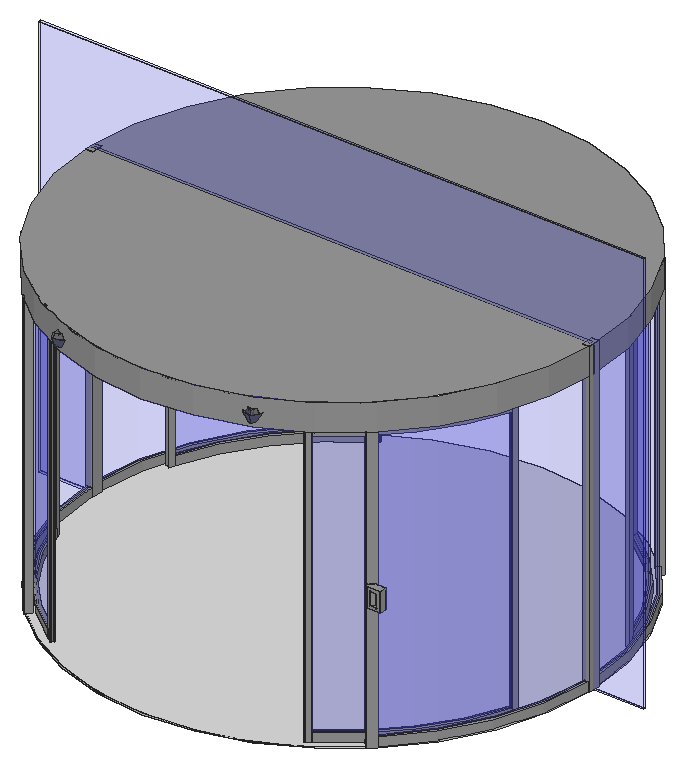
Revit family "Talos CSD-C01", category Türen, Revit 2016
Family settings
  OmniClass-Nummer = 23.30.10.00
  OmniClass-Titel = Doors
  Immer vertikal = Ja
  Beim Laden mit Abzugskörper schneiden = Nein
  Gemeinsam genutzt = Nein
  Raumberechnungspunkt = Nein
Parameters (values of type "CSD-C01 3600")
  Youtube clip = ""
  Width = 3700.00 mm
  Weight = 0.00 kg
  URL = "http://www.kaba.com/physical-access-systems/en/solutions/92272/revolving-doors-and-circular-sliding-doors.html"
  Type Comments = ""
  Type = "Talos CSD-C01"
  Technical description = "http://www.kaba.com/physical-access-systems/media/867246/v7/File/product-brochure-talos-rdr-and-csd.pdf"
  StandardUsed = "9"
  ShutOffDeviceInside = no
  ShutOffDevice = no
  RubberMaterial = Zellkautschuk - EPDM
  Product certification = ""
  Product SKU = "Talos_CSD-C01"
  Power = ""
  OuterDiameter = "3700 mm"
  OperatingWeight = 0.00 kg
  Nominal width = 0
  Nominal height = 2300
  MotorDriveType = ""
  Modell = "Talos RDR-E01"
  Material secondary = "Metal"
  Material main = "Glass"
  Manufacturer name = "DORMA"
  Manufacturer country = "Germany"
  Manufacturer = "Kaba GmbH"
  Installation instructions = ""
  Edition number = 1
  EAN code = ""
  Design country = "Germany"
  Date of publishing = "1/16/2017"
  Konstruktionstyp = "Circular Sliding Door"
  Hersteller = "Kaba GmbH"
  Height = 2300.00 mm
  HasShellTopFrame = no
  HasMotionSensor = yes
  HasConsoleS2 = yes
  HasConsoleS1 = yes
  HandleMaterial = 1.4401 - A4
  Funktion = Außen
  FrameMaterial = 1.4401 - A4
  ExpectedLife = ""
  ElementWeight = 0.00 kg
  DoorWidth = AccessLengthOrRadius - 60.00 mm  # 1770.00 mm
  Dicke = 30.00 mm
  DiameterPortal = Diameter + 10.00 mm  # 1870.00 mm
  DiameterSlideGlassOutside = (Width / 2) - 60.00 mm  # 1790.00 mm
  DiameterSlideGlassInside = (Width / 2) - 70.00 mm  # 1780.00 mm
  DiameterSlideDoorFrame = Diameter - 99.00 mm  # 1761.00 mm
  DiameterSlideDoorCover = Diameter - 60.00 mm  # 1800.00 mm
  DiameterSlideDoor = Diameter - 90.00 mm  # 1770.00 mm
  DiameterGlassInside = (Width / 2) - 10.00 mm  # 1840.00 mm
  DiameterGlassOutside = (Width / 2)  # 1850.00 mm
  Diameter = (Width / 2) + 10.00 mm  # 1860.00 mm
  CoverWidth = Height - ClearHeight  # 200.00 mm
  CoverMaterial = Glas
  ConsoleType = console : Type 4
  Colour = ""
  ClearHeight = 2100.00 mm
  BaseType = ">= 69 mm"
  Analytische Konstruktion = "<Keine Auswahl>"
  AccessLengthOrRadius = Diameter - 30.00 mm  # 1830.00 mm
Types (9, lengths in mm): name | Width | StandardUsed | OuterDiameter | Height | HasShellTopFrame | HasMotionSensor | HasConsoleS2 | HasConsoleS1 | DoorWidth | DiameterPortal | DiameterSlideGlassOutside | DiameterSlideGlassInside | DiameterSlideDoorFrame | DiameterSlideDoorCover | DiameterSlideDoor | DiameterGlassInside | DiameterGlassOutside | Diameter | CoverWidth | ConsoleType | ClearHeight | AccessLengthOrRadius
  CSD-C01 2000 | 2100.00 | "1" | "2100 mm" | 2300.00 | yes | no | no | no | 970.00 | 1070.00 | 990.00 | 980.00 | 961.00 | 1000.00 | 970.00 | 1040.00 | 1050.00 | 1060.00 | 200.00 | console : Type 5 | 2100.00 | 1030.00
  CSD-C01 2200 | 2300.00 | "2" | "2300 mm" | 2500.00 | yes | yes | yes | yes | 1070.00 | 1170.00 | 1090.00 | 1080.00 | 1061.00 | 1100.00 | 1070.00 | 1140.00 | 1150.00 | 1160.00 | 300.00 | console : Type 5 | 2200.00 | 1130.00
  CSD-C01 2400 | 2500.00 | "3" | "2500 mm" | 2500.00 | yes | no | yes | yes | 1170.00 | 1270.00 | 1190.00 | 1180.00 | 1161.00 | 1200.00 | 1170.00 | 1240.00 | 1250.00 | 1260.00 | 200.00 | console : Type 4 | 2300.00 | 1230.00
  CSD-C01 2600 | 2700.00 | "4" | "2700 mm" | 2400.00 | yes | yes | yes | yes | 1270.00 | 1370.00 | 1290.00 | 1280.00 | 1261.00 | 1300.00 | 1270.00 | 1340.00 | 1350.00 | 1360.00 | 300.00 | console : Type 5 | 2100.00 | 1330.00
  CSD-C01 2800 | 2500.00 | "5" | "2900 mm" | 2400.00 | yes | no | no | no | 1170.00 | 1270.00 | 1190.00 | 1180.00 | 1161.00 | 1200.00 | 1170.00 | 1240.00 | 1250.00 | 1260.00 | 200.00 | console : Type 4 | 2200.00 | 1230.00
  CSD-C01 3000 | 3100.00 | "6" | "3100 mm" | 2600.00 | yes | yes | yes | yes | 1470.00 | 1570.00 | 1490.00 | 1480.00 | 1461.00 | 1500.00 | 1470.00 | 1540.00 | 1550.00 | 1560.00 | 300.00 | console : Type 4 | 2300.00 | 1530.00
  CSD-C01 3200 | 3300.00 | "7" | "3300 mm" | 2400.00 | yes | no | yes | yes | 1570.00 | 1670.00 | 1590.00 | 1580.00 | 1561.00 | 1600.00 | 1570.00 | 1640.00 | 1650.00 | 1660.00 | 300.00 | console : Type 5 | 2100.00 | 1630.00
  CSD-C01 3600 | 3700.00 | "9" | "3700 mm" | 2300.00 | no | yes | yes | yes | 1770.00 | 1870.00 | 1790.00 | 1780.00 | 1761.00 | 1800.00 | 1770.00 | 1840.00 | 1850.00 | 1860.00 | 200.00 | console : Type 4 | 2100.00 | 1830.00
  CSD-C01 3800 | 3900.00 | "10" | "3900 mm" | 2400.00 | yes | yes | yes | yes | 1870.00 | 1970.00 | 1890.00 | 1880.00 | 1861.00 | 1900.00 | 1870.00 | 1940.00 | 1950.00 | 1960.00 | 200.00 | console : Type 5 | 2200.00 | 1930.00
Reference planes
  plane 1 "Mitte (Vorne/Hinten)": y = 0
  plane 2: z = 0
  plane 3 "Mitte (Links/Rechts)": x = 0.023
  plane 4 "Section L": x = -2247.477
  plane 5 "Section R": x = 2247.523
  plane 6 "Oberkante": z = 3000
  plane 7: z = 2300
  plane 8 "access height": z = 2100
  plane 9: x = -1849.977
  plane 10: x = 1850.023
  plane 11 "180-4": through (-2115.474, 2115.497, 800) normal (0.7071, 0.7071, 0)
  plane 12 "180-1": through (2115.52, 2115.497, 800) normal (0.7071, -0.7071, 0)
  plane 13 "180-2": through (2115.52, -2115.497, 800) normal (-0.7071, -0.7071, 0)
  plane 14 "180-3": through (-2115.474, -2115.497, 800) normal (-0.7071, 0.7071, 0)
  plane 15: through (-2174.479, -706.539, 1200) normal (-0.309, 0.9511, 0)
  plane 16 "slidingDoorL": through (0.023, 0, 1200) normal (0.8387, -0.5446, 0)
  plane 17: through (2115.52, -2115.497, 800) normal (-0.7071, -0.7071, 0)
  plane 18: through (2174.525, -706.539, 1200) normal (-0.309, -0.9511, 0)
  plane 19: through (0.023, 0, 1200) normal (0.8387, 0.5446, 0)
Forms (mm)
  Extrusion 1, solid
    sketch origin (0, 0, 0) x (1, 0, 0) y (0, 0, 1)
      loop
        line (-2247.477, 0) -> (-1849.977, 0) -> (-1849.977, 2300) -> (1850.023, 2300) -> (1850.023, 0) -> (2247.523, 0) -> (2247.523, 3000) -> (-2247.477, 3000) -> (-2247.477, 0)
    from -12 to 12
  Extrusion 2, solid, material "1.4401 - A4" <- "FrameMaterial"
    sketch origin (0, 0, 0) x (1, 0, 0) y (0, 1, 0)
      loop
        circle (0.023, 0) r 1870
    from 2100 <- "ClearHeight" to 2300 <- "Height"
  Extrusion 3, solid
    sketch origin (28.5, -238.964, 0) x (1, 0, 0) y (0, 1, 0)
      loop
        line (-1898.477, 196.464) -> (-1849.977, 196.464) -> (-1849.977, 281.464) -> (-1898.477, 281.464) -> (-1898.477, 196.464)
    from 0 to 2300
  Extrusion 4, solid
    sketch origin (-182.5, 0, 0) x (1, 0, 0) y (0, 1, 0)
      loop
        line (-1111.482, 1294.005) -> (-1132.696, 1315.219)
        arc (-1132.696, 1315.219) -> (-1527.648, 731.378) -> (-1676.991, 42.5) r 1860
        line (-1676.991, 42.5) -> (-1646.983, 42.5)
        arc (-1646.983, 42.5) -> (-1499.93, 719.897) -> (-1111.482, 1294.005) r 1830
      loop
        line (-1132.696, -1315.219) -> (-1111.482, -1294.005)
        arc (-1111.482, -1294.005) -> (-1499.93, -719.897) -> (-1646.983, -42.5) r 1830
        line (-1646.983, -42.5) -> (-1676.991, -42.5)
        arc (-1676.991, -42.5) -> (-1527.648, -731.378) -> (-1132.696, -1315.219) r 1860
      loop
        line (1476.529, -1294.005) -> (1497.742, -1315.219)
        arc (1497.742, -1315.219) -> (1892.694, -731.378) -> (2042.037, -42.5) r 1860
        line (2042.037, -42.5) -> (2012.03, -42.5)
        arc (2012.03, -42.5) -> (1864.976, -719.897) -> (1476.529, -1294.005) r 1830
      loop
        line (1497.742, 1315.219) -> (1476.529, 1294.005)
        arc (1476.529, 1294.005) -> (1864.976, 719.897) -> (2012.03, 42.5) r 1830
        line (2012.03, 42.5) -> (2042.037, 42.5)
        arc (2042.037, 42.5) -> (1892.694, 731.378) -> (1497.742, 1315.219) r 1860
    from 0 to 63
  Extrusion 5, solid
    sketch origin (-28.454, -238.964, 0) x (-1, 0, 0) y (0, -1, 0)
      loop
        line (-1898.477, -196.464) -> (-1898.477, -281.464) -> (-1849.977, -281.464) -> (-1849.977, -196.464) -> (-1898.477, -196.464)
    from 0 to 2300
  Extrusion 6, solid
    sketch origin (-148.814, -189.109, 0) x (0.707107, -0.707107, 0) y (0.707107, 0.707107, 0)
      loop
        line (-1906.977, 218.964) -> (-1858.477, 218.964) -> (-1858.477, 303.964) -> (-1906.977, 303.964) -> (-1906.977, 218.964)
    from 0 to 2100
  Extrusion 7, solid
    sketch origin (148.86, -189.109, 0) x (-0.707107, -0.707107, 0) y (0.707107, -0.707107, 0)
      loop
        line (-1906.977, -218.964) -> (-1906.977, -303.964) -> (-1858.477, -303.964) -> (-1858.477, -218.964) -> (-1906.977, -218.964)
    from 0 to 2100
  Extrusion 8, solid
    sketch origin (-148.814, 189.109, 0) x (0.707107, 0.707107, 0) y (-0.707107, 0.707107, 0)
      loop
        line (-1895.477, -238.964) -> (-1895.477, -302.964)
        arc (-1895.477, -302.964) -> (-1894.012, -306.5) -> (-1890.477, -307.964) r 5
        line (-1890.477, -307.964) -> (-1839.477, -307.964) -> (-1839.477, -283.964) -> (-1842.477, -283.964) -> (-1842.477, -304.964) -> (-1858.477, -304.964) -> (-1858.477, -238.964) -> (-1895.477, -238.964)
    from 0 to 2100
  Extrusion 9, solid, material "PVC-Hart"
    sketch origin (0, 0, 0) x (1, 0, 0) y (0, 1, 0)
      loop
        circle (0.023, 0) r 1860
    from -8 to 1
  Extrusion 10, solid
    sketch origin (0, 0, 0) x (1, 0, 0) y (0, 1, 0)
      loop
        arc (-980.327, 1509.607) -> (-1428.013, 1095.771) -> (-1711.879, 556.231) r 1800
        line (-1711.879, 556.231) -> (-1683.347, 546.96)
        arc (-1683.347, 546.96) -> (-1404.212, 1077.508) -> (-963.988, 1484.447) r 1770
        line (-963.988, 1484.447) -> (-980.327, 1509.607)
      loop
        line (1683.393, 546.96) -> (1711.925, 556.231)
        arc (1711.925, 556.231) -> (1428.059, 1095.771) -> (980.373, 1509.607) r 1800
        line (980.373, 1509.607) -> (964.034, 1484.447)
        arc (964.034, 1484.447) -> (1404.259, 1077.508) -> (1683.393, 546.96) r 1770
      loop
        arc (-1711.879, -556.231) -> (-1428.013, -1095.771) -> (-980.327, -1509.607) r 1800
        line (-980.327, -1509.607) -> (-963.988, -1484.447)
        arc (-963.988, -1484.447) -> (-1404.212, -1077.508) -> (-1683.347, -546.96) r 1770
        line (-1683.347, -546.96) -> (-1711.879, -556.231)
      loop
        line (964.034, -1484.447) -> (980.373, -1509.607)
        arc (980.373, -1509.607) -> (1428.059, -1095.771) -> (1711.925, -556.231) r 1800
        line (1711.925, -556.231) -> (1683.393, -546.96)
        arc (1683.393, -546.96) -> (1404.259, -1077.508) -> (964.034, -1484.447) r 1770
    from 0 to 63
  Extrusion 11, solid, visible <- "HasShellTopFrame"
    sketch origin (0, 0, 0) x (1, 0, 0) y (0, 1, 0)
      loop
        arc (-1293.982, -1294.005) -> (-1829.977, 0) -> (-1293.982, 1294.005) r 1830
        line (-1293.982, 1294.005) -> (-1315.196, 1315.219)
        arc (-1315.196, 1315.219) -> (-1859.977, 0) -> (-1315.196, -1315.219) r 1860
        line (-1315.196, -1315.219) -> (-1293.982, -1294.005)
      loop
        arc (1294.029, 1294.005) -> (1830.023, 0) -> (1294.029, -1294.005) r 1830
        line (1294.029, -1294.005) -> (1315.242, -1315.219)
        arc (1315.242, -1315.219) -> (1860.023, 0) -> (1315.242, 1315.219) r 1860
        line (1315.242, 1315.219) -> (1294.029, 1294.005)
    from 2037 to 2100
  Extrusion 12, solid, material "Glas" <- "CoverMaterial"
    sketch origin (0, 0, 0) x (1, 0, 0) y (0, 1, 0)
      loop
        arc (1308.171, -1308.148) -> (1850.023, 0) -> (1308.171, 1308.148) r 1850
        line (1308.171, 1308.148) -> (1301.1, 1301.076)
        arc (1301.1, 1301.076) -> (1840.023, 0) -> (1301.1, -1301.076) r 1840
        line (1301.1, -1301.076) -> (1308.171, -1308.148)
      loop
        arc (-1308.124, 1308.148) -> (-1849.977, 0) -> (-1308.124, -1308.148) r 1850
        line (-1308.124, -1308.148) -> (-1301.053, -1301.076)
        arc (-1301.053, -1301.076) -> (-1839.977, 0) -> (-1301.053, 1301.076) r 1840
        line (-1301.053, 1301.076) -> (-1308.124, 1308.148)
    from 63 to 2100
  Extrusion 13, solid
    sketch origin (0, 0, 0) x (1, 0, 0) y (0, 1, 0)
      loop
        line (-963.988, -1484.447) -> (-980.327, -1509.607) -> (-948.458, -1530.303) -> (-932.119, -1505.143) -> (-963.988, -1484.447)
    from 0 to 2100
  Extrusion 14, solid
    sketch origin (0, 0, 0) x (1, 0, 0) y (0, 1, 0)
      loop
        line (-1711.879, -556.231) -> (-1683.347, -546.96) -> (-1695.09, -510.82) -> (-1723.621, -520.09) -> (-1711.879, -556.231)
    from 0 to 2100
  Extrusion 15, solid
    sketch origin (148.86, 189.109, 0) x (-0.707107, 0.707107, 0) y (-0.707107, -0.707107, 0)
      loop
        line (-1895.477, 238.964) -> (-1858.477, 238.964) -> (-1858.477, 304.964) -> (-1842.477, 304.964) -> (-1842.477, 283.964) -> (-1839.477, 283.964) -> (-1839.477, 307.964) -> (-1890.477, 307.964)
        arc (-1890.477, 307.964) -> (-1894.012, 306.5) -> (-1895.477, 302.964) r 5
        line (-1895.477, 302.964) -> (-1895.477, 238.964)
    from 0 to 2100
  Extrusion 16, solid
    sketch origin (0.046, 0, 0) x (-1, 0, 0) y (0, -1, 0)
      loop
        line (-1711.879, 556.231) -> (-1723.621, 520.09) -> (-1695.09, 510.82) -> (-1683.347, 546.96) -> (-1711.879, 556.231)
    from 0 to 2100
  Extrusion 17, solid
    sketch origin (0, 0, 0) x (1, 0, 0) y (0, 1, 0)
      loop
        line (-1711.879, 556.231) -> (-1723.621, 520.09) -> (-1695.09, 510.82) -> (-1683.347, 546.96) -> (-1711.879, 556.231)
    from 0 to 2100
  Extrusion 18, solid
    sketch origin (0.046, 0, 0) x (-1, 0, 0) y (0, -1, 0)
      loop
        line (-1711.879, -556.231) -> (-1683.347, -546.96) -> (-1695.09, -510.82) -> (-1723.621, -520.09) -> (-1711.879, -556.231)
    from 0 to 2100
  Extrusion 19, solid
    sketch origin (0.046, 0.003, 0) x (-0.992546, -0.121869, 0) y (0.121869, -0.992546, 0)
      loop
        line (-1137.711, -1355.899) -> (-1156.995, -1378.88) -> (-1127.885, -1403.306) -> (-1108.601, -1380.325) -> (-1137.711, -1355.899)
    from 0 to 2100
  Extrusion 20, solid
    sketch origin (0, 0, 0) x (1, 0, 0) y (0, 1, 0)
      loop
        line (-963.988, 1484.447) -> (-932.119, 1505.143) -> (-948.458, 1530.303) -> (-980.327, 1509.607) -> (-963.988, 1484.447)
    from 0 to 2100
  Extrusion 21, solid
    sketch origin (0.046, 0, 0) x (-1, 0, 0) y (0, -1, 0)
      loop
        line (-963.988, 1484.447) -> (-932.119, 1505.143) -> (-948.458, 1530.303) -> (-980.327, 1509.607) -> (-963.988, 1484.447)
    from 0 to 2100
  Extrusion 22, solid
    sketch origin (0, 0, 0) x (1, 0, 0) y (0, 1, 0)
      loop
        arc (-980.327, 1509.607) -> (-1428.013, 1095.771) -> (-1711.879, 556.231) r 1800
        line (-1711.879, 556.231) -> (-1683.347, 546.96)
        arc (-1683.347, 546.96) -> (-1404.212, 1077.508) -> (-963.988, 1484.447) r 1770
        line (-963.988, 1484.447) -> (-980.327, 1509.607)
      loop
        line (1711.925, -556.231) -> (1683.393, -546.96)
        arc (1683.393, -546.96) -> (1404.259, -1077.508) -> (964.034, -1484.447) r 1770
        line (964.034, -1484.447) -> (980.373, -1509.607)
        arc (980.373, -1509.607) -> (1428.059, -1095.771) -> (1711.925, -556.231) r 1800
      loop
        arc (-1711.879, -556.231) -> (-1428.013, -1095.771) -> (-980.327, -1509.607) r 1800
        line (-980.327, -1509.607) -> (-963.988, -1484.447)
        arc (-963.988, -1484.447) -> (-1404.212, -1077.508) -> (-1683.347, -546.96) r 1770
        line (-1683.347, -546.96) -> (-1711.879, -556.231)
      loop
        line (980.373, 1509.607) -> (964.034, 1484.447)
        arc (964.034, 1484.447) -> (1404.259, 1077.508) -> (1683.393, 546.96) r 1770
        line (1683.393, 546.96) -> (1711.925, 556.231)
        arc (1711.925, 556.231) -> (1428.059, 1095.771) -> (980.373, 1509.607) r 1800
    from 2037 to 2100
  Sweep 23, solid, material "Zellkautschuk - EPDM"
    path in 3D
      loop
        line (-948.458, -1530.303, 2100) -> (-948.458, -1530.303, 0)
    profile "Rubber Profile Talos CSD-C01 : Rubber Profile Talos CSD-C01" origin (-948.458, -1530.303, 1050) x (0.544639, 0.838671, 0) y (0.838671, -0.544639, 0)
      loop
        line (0.01, 0) -> (30, 0) -> (30, 7.073)
        arc (30, 7.073) -> (29.096, 8.392) -> (27.509, 8.197) r 1.539
        line (27.509, 8.197) -> (19.889, 2.185)
        arc (19.889, 2.185) -> (19.204, 1.97) -> (18.549, 2.264) r 1.01
        line (18.549, 2.264) -> (12.07, 8.743)
        arc (12.07, 8.743) -> (10.935, 9.454) -> (9.604, 9.597) r 2.986
        arc (9.604, 9.597) -> (5.635, 8.124) -> (2.283, 5.538) r 14.092
        arc (2.283, 5.538) -> (0.623, 2.984) -> (0.01, 0) r 8.2
  Sweep 24, solid, material "Zellkautschuk - EPDM"
    path in 3D
      loop
        line (932.165, -1505.143, 2100) -> (932.165, -1505.143, 0)
    profile "Rubber Profile Talos CSD-C01 : Rubber Profile Talos CSD-C01" origin (932.165, -1505.143, 1050) x (0.544639, -0.838671, 0) y (-0.838671, -0.544639, 0)
      loop
        line (0.01, 0) -> (30, 0) -> (30, 7.073)
        arc (30, 7.073) -> (29.096, 8.392) -> (27.509, 8.197) r 1.539
        line (27.509, 8.197) -> (19.889, 2.185)
        arc (19.889, 2.185) -> (19.204, 1.97) -> (18.549, 2.264) r 1.01
        line (18.549, 2.264) -> (12.07, 8.743)
        arc (12.07, 8.743) -> (10.935, 9.454) -> (9.604, 9.597) r 2.986
        arc (9.604, 9.597) -> (5.635, 8.124) -> (2.283, 5.538) r 14.092
        arc (2.283, 5.538) -> (0.623, 2.984) -> (0.01, 0) r 8.2
  Sweep 25, solid
    path in 3D
      loop
        line (948.504, 1530.303, 2100) -> (948.504, 1530.303, 0)
    profile "Rubber Profile Talos CSD-C01 : Rubber Profile Talos CSD-C01" origin (948.504, 1530.303, 1050) x (-0.544639, -0.838671, 0) y (-0.838671, 0.544639, 0)
      loop
        line (0.01, 0) -> (30, 0) -> (30, 7.073)
        arc (30, 7.073) -> (29.096, 8.392) -> (27.509, 8.197) r 1.539
        line (27.509, 8.197) -> (19.889, 2.185)
        arc (19.889, 2.185) -> (19.204, 1.97) -> (18.549, 2.264) r 1.01
        line (18.549, 2.264) -> (12.07, 8.743)
        arc (12.07, 8.743) -> (10.935, 9.454) -> (9.604, 9.597) r 2.986
        arc (9.604, 9.597) -> (5.635, 8.124) -> (2.283, 5.538) r 14.092
        arc (2.283, 5.538) -> (0.623, 2.984) -> (0.01, 0) r 8.2
  Sweep 26, solid
    path in 3D
      loop
        line (-932.119, 1505.143, 2100) -> (-932.119, 1505.143, 0)
    profile "Rubber Profile Talos CSD-C01 : Rubber Profile Talos CSD-C01" origin (-932.119, 1505.143, 1050) x (-0.544639, 0.838671, 0) y (0.838671, 0.544639, 0)
      loop
        line (0.01, 0) -> (30, 0) -> (30, 7.073)
        arc (30, 7.073) -> (29.096, 8.392) -> (27.509, 8.197) r 1.539
        line (27.509, 8.197) -> (19.889, 2.185)
        arc (19.889, 2.185) -> (19.204, 1.97) -> (18.549, 2.264) r 1.01
        line (18.549, 2.264) -> (12.07, 8.743)
        arc (12.07, 8.743) -> (10.935, 9.454) -> (9.604, 9.597) r 2.986
        arc (9.604, 9.597) -> (5.635, 8.124) -> (2.283, 5.538) r 14.092
        arc (2.283, 5.538) -> (0.623, 2.984) -> (0.01, 0) r 8.2
  Extrusion 27, solid
    sketch origin (0, 0, 0) x (1, 0, 0) y (0, 1, 0)
      loop
        arc (-974.881, 1501.22) -> (-1420.079, 1089.683) -> (-1702.368, 553.14) r 1790
        line (-1702.368, 553.14) -> (-1692.857, 550.05)
        arc (-1692.857, 550.05) -> (-1412.146, 1083.595) -> (-969.434, 1492.834) r 1780
        line (-969.434, 1492.834) -> (-974.881, 1501.22)
      loop
        line (1702.414, -553.14) -> (1692.904, -550.05)
        arc (1692.904, -550.05) -> (1412.192, -1083.595) -> (969.481, -1492.834) r 1780
        line (969.481, -1492.834) -> (974.927, -1501.22)
        arc (974.927, -1501.22) -> (1420.126, -1089.683) -> (1702.414, -553.14) r 1790
      loop
        arc (-1702.368, -553.14) -> (-1420.079, -1089.683) -> (-974.881, -1501.22) r 1790
        line (-974.881, -1501.22) -> (-969.434, -1492.834)
        arc (-969.434, -1492.834) -> (-1412.146, -1083.595) -> (-1692.857, -550.05) r 1780
        line (-1692.857, -550.05) -> (-1702.368, -553.14)
      loop
        line (974.927, 1501.22) -> (969.481, 1492.834)
        arc (969.481, 1492.834) -> (1412.192, 1083.595) -> (1692.904, 550.05) r 1780
        line (1692.904, 550.05) -> (1702.414, 553.14)
        arc (1702.414, 553.14) -> (1420.126, 1089.683) -> (974.927, 1501.22) r 1790
    from 63 to 2037
Lines and regions (mm)
  reference lines
    curve 1: circle (0.023, 0, 0) r 1830 normal (0, 0, 1)
    curve 2: circle (0.023, 0, 0) r 1860 normal (0, 0, 1)
    curve 3: circle (0.023, 0, 0) r 1770 normal (0, 0, 1)
    curve 4: circle (0.023, 0, 0) r 1800 normal (0, 0, 1)
    curve 5: circle (0.023, 0, 0) r 1840 normal (0, 0, 1)
    curve 6: circle (0.023, 0, 0) r 1850 normal (0, 0, 1)
    curve 7: circle (0.023, 0, 3000) r 1870 normal (0, 0, 1)
    curve 8: circle (0.023, 0, 0) r 1790 normal (0, 0, 1)
    curve 9: circle (0.023, 0, 0) r 1780 normal (0, 0, 1)
  sketch lines
    curve 10: line (-948.458, -1530.303, 2100) -> (-948.458, -1530.303, 0)
    curve 11: line (932.165, -1505.143, 2100) -> (932.165, -1505.143, 0)
    curve 12: line (948.504, 1530.303, 2100) -> (948.504, 1530.303, 0)
    curve 13: line (-932.119, 1505.143, 2100) -> (-932.119, 1505.143, 0)
Text (mm)
  text "Außen" at (-1061.5, 797.241, 0), in view "Referenzebene"
Dimensions and locks
  plane 4 "Section L" to plane 5 "Section R" = 4495.00 mm
  "ClearHeight": plane 8 "access height" to plane 2
  "CoverWidth": plane 7 to plane 8 "access height"
  plane 7 to plane 8 "access height" = 200.00 mm
  equal spacing: plane 4 "Section L", plane 3 "Mitte (Links/Rechts)", plane 5 "Section R"
  locked: Extrusion 3 sketch curve to Extrusion 3 sketch curve at 85
  locked: Extrusion 3 sketch curve to Extrusion 3 sketch curve at 48.5
  "Width": plane 9 to plane 10
  equal spacing: plane 9, plane 3 "Mitte (Links/Rechts)", plane 10
  Extrusion 3 to plane 1 "Mitte (Vorne/Hinten)" = 42.50 mm
  locked: Extrusion 3 to plane 9 at 20
  locked: Extrusion 5 sketch curve to Extrusion 5 sketch curve at 85
  locked: Extrusion 5 sketch curve to Extrusion 5 sketch curve at 48.5
  locked: Extrusion 6 sketch curve to Extrusion 6 sketch curve at 85
  locked: Extrusion 6 sketch curve to Extrusion 6 sketch curve at 48.5
  plane 11 "180-4" to Extrusion 6 sketch curve = 20.00 mm
  "AccessLengthOrRadius": Extrusion 6 sketch curve to plane 14 "180-3"
  locked: Extrusion 7 sketch curve to Extrusion 7 sketch curve at 85
  locked: Extrusion 7 sketch curve to Extrusion 7 sketch curve at 48.5
  Extrusion 7 sketch curve to plane 12 "180-1" = 20.00 mm
  "AccessLengthOrRadius": plane 11 "180-4" to Extrusion 7 sketch curve
  Extrusion 8 sketch curve to plane 14 "180-3" = 0.00 mm
  Extrusion 1 to Extrusion 3 = 20.00 mm
  equal spacing: plane 8 "access height", nested 7, plane 7
  equal spacing: plane 8 "access height", nested 8, plane 7
  "DiameterPortal": plane 11 "180-4" to nested 8
  locked: Extrusion 8 sketch curve to Extrusion 8 sketch curve at 56
  "AccessLengthOrRadius": plane 13 "180-2" to Extrusion 8 sketch curve
  locked: Extrusion 8 sketch curve to Extrusion 4 at 69
  locked: Extrusion 14 sketch curve to Extrusion 14 sketch curve at 30
  Extrusion 14 sketch curve to Extrusion 14 sketch curve = 38.00 mm
  "DoorWidth": plane 11 "180-4" to Extrusion 14 sketch curve
  locked: Extrusion 13 sketch curve to plane 16 "slidingDoorL" at 38
  locked: Extrusion 13 sketch curve to Extrusion 13 sketch curve at 30
  "DoorWidth": Extrusion 13 sketch curve to plane 16 "slidingDoorL"
  locked: Extrusion 16 sketch curve to Extrusion 16 sketch curve at 30
  locked: Extrusion 16 sketch curve to Extrusion 16 sketch curve at 38
  "AccessLengthOrRadius": Extrusion 15 sketch curve to plane 3 "Mitte (Links/Rechts)"
  locked: Extrusion 15 sketch curve to Extrusion 15 sketch curve at 69
  "DoorWidth": Extrusion 16 sketch curve to plane 3 "Mitte (Links/Rechts)"
  "DiameterPortal": nested 6 to plane 16 "slidingDoorL"
  locked: Extrusion 17 sketch curve to Extrusion 17 sketch curve at 30
  Extrusion 17 sketch curve to Extrusion 17 sketch curve = 38.00 mm
  locked: Extrusion 18 sketch curve to Extrusion 18 sketch curve at 30
  locked: Extrusion 18 sketch curve to Extrusion 18 sketch curve at 38
  locked: Extrusion 19 sketch curve to Extrusion 19 sketch curve at 30
  locked: Extrusion 19 sketch curve to Extrusion 19 sketch curve at 38
  locked: Extrusion 15 sketch curve to Extrusion 15 sketch curve at 37
  locked: Extrusion 15 sketch curve to Extrusion 15 sketch curve at 19
  "DoorWidth": Extrusion 17 sketch curve to plane 16 "slidingDoorL"
  locked: Extrusion 20 sketch curve to Extrusion 20 sketch curve at 30
  "DoorWidth": plane 16 "slidingDoorL" to Extrusion 20 sketch curve
  locked: Extrusion 20 sketch curve to Extrusion 20 sketch curve at 38
  "DoorWidth": Extrusion 19 sketch curve to plane 19
  locked: Extrusion 21 sketch curve to Extrusion 21 sketch curve at 30
  locked: Extrusion 21 sketch curve to Extrusion 21 sketch curve at 38
  "DoorWidth": plane 19 to Extrusion 21 sketch curve
  "DiameterPortal": nested 5 to plane 19
  "DiameterPortal": plane 19 to nested 7
  "DoorWidth": plane 19 to Extrusion 18 sketch curve
  locked: plane 8 "access height" to Extrusion 22 at 63
  equal spacing: plane 7, nested 6, plane 8 "access height"
  locked: Extrusion 11 to plane 8 "access height" at 63
  "AccessLengthOrRadius": radius of curve 1
  "Diameter": radius of curve 2
  "DiameterSlideDoor": radius of curve 3
  "DiameterSlideDoorCover": radius of curve 4
  "DiameterGlassInside": radius of curve 5
  "DiameterGlassOutside": radius of curve 6
  "DiameterPortal": radius of curve 7
  "DiameterSlideGlassInside": radius of curve 9
  "DiameterSlideGlassOutside": radius of curve 8
  locked: plane 3 "Mitte (Links/Rechts)" to nested 5 (angle 22.50°)
  locked: nested 6 to plane 3 "Mitte (Links/Rechts)" (angle 22.50°)
  locked: nested 7 to plane 3 "Mitte (Links/Rechts)" (angle 22.50°)
  locked: plane 3 "Mitte (Links/Rechts)" to nested 8 (angle 22.50°)
  locked: plane 15 to plane 16 "slidingDoorL" (angle 39.00°)
  angle plane 18 to plane 1 "Mitte (Vorne/Hinten)" = 18.00°
  aligned and locked: level to plane 2
  aligned and locked: Extrusion 1 to plane 4 "Section L"
  aligned and locked: Extrusion 1 to plane 6 "Oberkante"
  aligned and locked: Extrusion 1 to plane 5 "Section R"
  aligned and locked: Extrusion 1 to level  (x2)
  aligned and locked: plane 9 to Extrusion 1
  aligned and locked: Extrusion 1 to plane 10
  aligned and locked: Extrusion 4 sketch curve to curve 2  (x4)
  aligned and locked: Extrusion 4 sketch curve to curve 1  (x4)
  aligned and locked: Extrusion 4 sketch curve to plane 11 "180-4"
  aligned and locked: Extrusion 4 sketch curve to plane 14 "180-3"
  aligned and locked: Extrusion 4 sketch curve to plane 13 "180-2"
  aligned and locked: Extrusion 4 sketch curve to plane 12 "180-1"
  aligned and locked: Extrusion 9 sketch curve to curve 2
  aligned and locked: Extrusion 10 sketch curve to curve 4  (x4)
  aligned and locked: Extrusion 10 sketch curve to curve 3  (x4)
  aligned and locked: Extrusion 6 to nested 2
  aligned and locked: Extrusion 11 sketch curve to Extrusion 4  (x4)
  aligned and locked: Extrusion 11 sketch curve to plane 11 "180-4"
  aligned and locked: Extrusion 11 sketch curve to plane 14 "180-3"
  aligned and locked: Extrusion 11 sketch curve to plane 13 "180-2"
  aligned and locked: Extrusion 11 sketch curve to plane 12 "180-1"
  aligned and locked: plane 8 "access height" to Extrusion 11
  aligned and locked: plane 8 "access height" to Extrusion 6
  aligned and locked: plane 8 "access height" to Extrusion 7
  aligned and locked: plane 8 "access height" to Extrusion 8
  aligned and locked: plane 7 to Extrusion 5
  aligned and locked: plane 7 to Extrusion 3
  aligned and locked: nested 5 to nested 7
  aligned and locked: nested 6 to nested 8
  aligned and locked: Extrusion 3 to Extrusion 4 sketch curve
  aligned and locked: Extrusion 5 to Extrusion 4 sketch curve  (x2)
  aligned and locked: Extrusion 12 sketch curve to plane 13 "180-2"
  aligned and locked: Extrusion 4 to Extrusion 3
  aligned and locked: Extrusion 12 sketch curve to curve 5  (x2)
  aligned and locked: Extrusion 12 sketch curve to curve 6  (x2)
  aligned and locked: Extrusion 12 sketch curve to plane 12 "180-1"
  aligned and locked: Extrusion 12 sketch curve to plane 11 "180-4"
  aligned and locked: Extrusion 12 sketch curve to plane 14 "180-3"
  aligned and locked: Extrusion 2 sketch curve to curve 7
  aligned and locked: nested 3 to Extrusion 7
  aligned and locked: nested 2 to Extrusion 6
  aligned and locked: Extrusion 8 to nested 4
  aligned and locked: Extrusion 13 sketch curve to plane 16 "slidingDoorL"
  aligned and locked: Extrusion 14 sketch curve to plane 15
  aligned and locked: plane 18 to Extrusion 16 sketch curve
  aligned and locked: plane 17 to Extrusion 15
  aligned and locked: plane 18 to Extrusion 17
  aligned and locked: plane 16 "slidingDoorL" to Extrusion 19
  aligned and locked: plane 15 to Extrusion 18
  aligned and locked: plane 16 "slidingDoorL" to Extrusion 10 sketch curve
  aligned and locked: plane 15 to Extrusion 10 sketch curve
  aligned and locked: plane 18 to Extrusion 10 sketch curve  (x2)
  aligned and locked: plane 8 "access height" to Extrusion 13
  aligned and locked: plane 8 "access height" to Extrusion 19
  aligned and locked: plane 8 "access height" to Extrusion 12
  aligned and locked: plane 8 "access height" to Extrusion 18
  aligned and locked: plane 8 "access height" to Extrusion 16
  aligned and locked: plane 19 to Extrusion 10 sketch curve  (x2)
  aligned and locked: Extrusion 20 sketch curve to plane 19
  aligned and locked: plane 19 to Extrusion 21 sketch curve
  aligned and locked: nested 1 to Extrusion 15
  aligned and locked: plane 8 "access height" to Extrusion 14
  aligned and locked: plane 8 "access height" to Extrusion 17
  aligned and locked: Extrusion 22 sketch curve to curve 4
  aligned and locked: Extrusion 22 sketch curve to curve 3
  aligned and locked: plane 19 to Extrusion 22 sketch curve
  aligned and locked: plane 18 to Extrusion 22 sketch curve
  aligned and locked: Extrusion 22 sketch curve to plane 15
  aligned and locked: Extrusion 22 sketch curve to plane 16 "slidingDoorL"
  aligned and locked: plane 8 "access height" to Extrusion 22
  aligned and locked: plane 8 "access height" to Extrusion 21
  aligned and locked: plane 8 "access height" to Extrusion 15
  aligned and locked: plane 8 "access height" to Extrusion 20
  aligned and locked: Extrusion 10 sketch curve to plane 15
  aligned and locked: Extrusion 10 sketch curve to plane 16 "slidingDoorL"
  aligned and locked: Extrusion 27 sketch curve to curve 8  (x4)
  aligned and locked: Extrusion 27 sketch curve to curve 9  (x4)
  aligned and locked: plane 19 to Extrusion 27 sketch curve
  aligned and locked: plane 18 to Extrusion 27 sketch curve
  aligned and locked: Extrusion 27 sketch curve to plane 15
  aligned and locked: Extrusion 27 sketch curve to plane 16 "slidingDoorL"
  aligned and locked: Extrusion 27 to Extrusion 11
  aligned and locked: Extrusion 27 to Extrusion 4
Automatic sketch dimensions
  Extrusion 1 sketch curve to level = 0.00 mm  (x2)
  plane 4 "Section L" to Extrusion 1 sketch curve = 0.00 mm
  Extrusion 1 sketch curve to plane 9 = 0.00 mm
  Extrusion 1 sketch curve to plane 7 = 0.00 mm
  Extrusion 1 sketch curve to plane 10 = 0.00 mm
  plane 5 "Section R" to Extrusion 1 sketch curve = 0.00 mm
  Extrusion 1 sketch curve to plane 6 "Oberkante" = 0.00 mm
  Extrusion 3 sketch curve to plane 9 = 20.00 mm
  plane 1 "Mitte (Vorne/Hinten)" to Extrusion 3 sketch curve = 42.50 mm
  Extrusion 4 sketch curve to plane 9 = 9.514 mm
  Extrusion 5 sketch curve to plane 10 = 20.00 mm
  Extrusion 5 sketch curve to plane 1 "Mitte (Vorne/Hinten)" = 42.50 mm
  plane 19 to Extrusion 22 sketch curve = 0.00 mm  (x2)
  Extrusion 22 sketch curve to plane 18 = 0.00 mm  (x2)
  Extrusion 22 sketch curve to plane 16 "slidingDoorL" = 0.00 mm
  Extrusion 22 sketch curve to Extrusion 22 sketch curve = 0.00 mm  (x12)
  Extrusion 22 sketch curve to Extrusion 22 sketch curve = 28.532 mm  (x3)
  Extrusion 22 sketch curve to Extrusion 22 sketch curve = 16.339 mm
  Extrusion 22 sketch curve to Extrusion 22 sketch curve = 25.16 mm  (x2)
  plane 16 "slidingDoorL" to Extrusion 22 sketch curve = 0.00 mm
  Extrusion 22 sketch curve to plane 15 = 0.00 mm  (x2)
  plane 19 to Extrusion 10 sketch curve = 0.00 mm  (x2)
  plane 19 to Extrusion 27 sketch curve = 0.00 mm  (x2)
  Extrusion 27 sketch curve to plane 18 = 0.00 mm  (x2)
  Extrusion 27 sketch curve to plane 15 = 0.00 mm  (x2)
  Extrusion 27 sketch curve to plane 16 "slidingDoorL" = 0.00 mm
  plane 16 "slidingDoorL" to Extrusion 27 sketch curve = 0.00 mm
  curve 1 to curve 2 = 0.00 mm  (x2)
  curve 1 to curve 3 = 0.00 mm  (x2)
  curve 1 to curve 4 = 0.00 mm  (x2)
  curve 1 to curve 5 = 0.00 mm  (x2)
  curve 1 to curve 6 = 0.00 mm  (x2)
  curve 1 to curve 8 = 0.00 mm
  curve 6 to curve 8 = 0.00 mm
  curve 6 to curve 9 = 0.00 mm  (x2)
  plane 1 "Mitte (Vorne/Hinten)" to curve 2 = 0.00 mm
  curve 2 to plane 3 "Mitte (Links/Rechts)" = 0.00 mm
  Extrusion 8 sketch curve to Extrusion 8 sketch curve = 32.00 mm
  Extrusion 8 sketch curve to Extrusion 8 sketch curve = 37.00 mm
  Extrusion 8 sketch curve to Extrusion 8 sketch curve = 3.00 mm  (x2)
  Extrusion 8 sketch curve to Extrusion 8 sketch curve = 24.00 mm
  plane 1 "Mitte (Vorne/Hinten)" to curve 7 = 0.00 mm
  curve 7 to plane 3 "Mitte (Links/Rechts)" = 0.00 mm
  Extrusion 15 sketch curve to plane 17 = 0.00 mm
  Extrusion 15 sketch curve to Extrusion 15 sketch curve = 5.00 mm
  Extrusion 15 sketch curve to Extrusion 15 sketch curve = 3.00 mm  (x2)
  Extrusion 15 sketch curve to Extrusion 15 sketch curve = 24.00 mm
  Extrusion 17 sketch curve to plane 18 = 0.00 mm  (x2)
  Extrusion 18 sketch curve to plane 15 = 0.00 mm  (x2)
  plane 16 "slidingDoorL" to Extrusion 19 sketch curve = 0.00 mm  (x2)
Nested families
  nested 1: "console" at (1274.23, -1366.13, 950) x (0.7071, -0.7071, 0) z (0, 0, 1), visible <- "HasConsoleS1", type <- "ConsoleType", type "Type 4"
  nested 2: "console" at (-1282.315, 1374.262, 950) x (-0.7071, 0.7071, 0) z (0, 0, 1), visible <- "HasConsoleS1", type <- "ConsoleType", type "Type 4"
  nested 3: "emergencyStop" at (1353.308, 1399.155, 950), visible <- "ShutOffDevice", type "emergencyStop"
  nested 4: "emergencyStop" at (-1345.13, -1391.024, 950) x (-1, 0, 0) z (0, 0, 1), visible <- "ShutOffDeviceInside", type "emergencyStop"
  nested 5: "radar" at (715.641, -1727.655, 2146) x (0.9239, 0.3827, 0) z (0, 0, 1), visible <- "HasMotionSensor", type "radar"
  nested 6: "radar" at (-715.595, -1727.655, 2146) x (0.9239, -0.3827, 0) z (0, 0, 1), visible <- "HasMotionSensor", type "radar"
  nested 7: "radar" at (715.641, 1727.655, 2146) x (0.9239, -0.3827, 0) z (0, 0, 1), visible <- "HasMotionSensor", type "radar"
  nested 8: "radar" at (-715.595, 1727.655, 2146) x (0.9239, 0.3827, 0) z (0, 0, 1), visible <- "HasMotionSensor", type "radar"
Definition of nested family "console"
  Parameters
    OpeningStart = 18.00 mm
    ConsoleHeight = 138.00 mm
  Reference planes
    plane 1 "Mitte (Vorne/Hinten)": y = 0
    plane 2: z = 0
    plane 3 "Mitte (Links/Rechts)": x = 0
    plane 4 "loch": through (36.581, 1.377, 1200) normal (-0.7071, 0.7071, 0)
    plane 5: z = 20
    plane 6: z = 122
    plane 7: z = 140
    plane 8: z = 2
    plane 9: z = 142
  Forms (mm)
    Extrusion 1, solid
      sketch origin (0, 0, 0) x (1, 0, 0) y (0, 1, 0)
        loop
          arc (1.377, 51.025) -> (0.358, 49.5) -> (0, 47.701) r 4.7
          line (0, 47.701) -> (0, 4.7)
          arc (0, 4.7) -> (1.377, 1.377) -> (4.7, 0) r 4.7
          line (4.7, 0) -> (33.258, 0)
          arc (33.258, 0) -> (35.056, 0.358) -> (36.581, 1.377) r 4.7
          line (36.581, 1.377) -> (99.094, 63.889)
          arc (99.094, 63.889) -> (100.471, 67.213) -> (99.094, 70.536) r 4.7
          line (99.094, 70.536) -> (63.315, 106.316)
          arc (63.315, 106.316) -> (59.991, 107.692) -> (56.668, 106.316) r 4.7
          line (56.668, 106.316) -> (1.377, 51.025)
      from 0 to 2
    Extrusion 2, solid
      sketch origin (0, 0, 0) x (1, 0, 0) y (0, 1, 0)
        loop
          arc (1.377, 51.025) -> (0.358, 49.5) -> (0, 47.701) r 4.7
          line (0, 47.701) -> (0, 4.7)
          arc (0, 4.7) -> (1.377, 1.377) -> (4.7, 0) r 4.7
          line (4.7, 0) -> (33.258, 0)
          arc (33.258, 0) -> (35.056, 0.358) -> (36.581, 1.377) r 4.7
          line (36.581, 1.377) -> (99.094, 63.889)
          arc (99.094, 63.889) -> (100.471, 67.213) -> (99.094, 70.536) r 4.7
          line (99.094, 70.536) -> (63.315, 106.316)
          arc (63.315, 106.316) -> (59.991, 107.692) -> (56.668, 106.316) r 4.7
          line (56.668, 106.316) -> (1.377, 51.025)
      from 140 to 142
    Extrusion 3, solid
      sketch origin (0, 0, 0) x (1, 0, 0) y (0, 1, 0)
        loop
          arc (1.377, 51.025) -> (0.358, 49.5) -> (0, 47.701) r 4.7
          line (0, 47.701) -> (0, 4.7)
          arc (0, 4.7) -> (1.377, 1.377) -> (4.7, 0) r 4.7
          line (4.7, 0) -> (33.258, 0)
          arc (33.258, 0) -> (35.056, 0.358) -> (36.581, 1.377) r 4.7
          line (36.581, 1.377) -> (99.094, 63.889)
          arc (99.094, 63.889) -> (100.471, 67.213) -> (99.094, 70.536) r 4.7
          line (99.094, 70.536) -> (63.315, 106.316)
          arc (63.315, 106.316) -> (59.991, 107.692) -> (56.668, 106.316) r 4.7
          line (56.668, 106.316) -> (1.377, 51.025)
        loop
          line (58.153, 104.831) -> (2.862, 49.54)
          arc (2.862, 49.54) -> (2.298, 48.696) -> (2.1, 47.701) r 2.6
          line (2.1, 47.701) -> (2.1, 4.7)
          arc (2.1, 4.7) -> (2.862, 2.862) -> (4.7, 2.1) r 2.6
          line (4.7, 2.1) -> (33.258, 2.1)
          arc (33.258, 2.1) -> (34.253, 2.298) -> (35.096, 2.862) r 2.6
          line (35.096, 2.862) -> (97.609, 65.374)
          arc (97.609, 65.374) -> (98.371, 67.213) -> (97.609, 69.051) r 2.6
          line (97.609, 69.051) -> (61.83, 104.831)
          arc (61.83, 104.831) -> (59.991, 105.592) -> (58.153, 104.831) r 2.6
      from 2 to 140
    Extrusion 4, void
      sketch origin (17.602, -17.602, -32.1) x (-0.707107, -0.707107, 0) y (0, 0, 1)
        loop
          line (-46.447, 154.1) -> (-95.447, 154.1)
          arc (-95.447, 154.1) -> (-97.215, 153.368) -> (-97.947, 151.6) r 2.5
          line (-97.947, 151.6) -> (-97.947, 54.6)
          arc (-97.947, 54.6) -> (-97.215, 52.832) -> (-95.447, 52.1) r 2.5
          line (-95.447, 52.1) -> (-46.447, 52.1)
          arc (-46.447, 52.1) -> (-44.679, 52.832) -> (-43.947, 54.6) r 2.5
          line (-43.947, 54.6) -> (-43.947, 151.6)
          arc (-43.947, 151.6) -> (-44.679, 153.368) -> (-46.447, 154.1) r 2.5
      from 0 to 2
  Cuts and joins
    Extrusion 4 cuts Extrusion 3
    joined: Extrusion 1, Extrusion 2, Extrusion 3
  Dimensions and locks
    "ConsoleHeight": plane 8 to plane 7
    locked: plane 2 to plane 8 at 2
    plane 6 to plane 7 to plane 9 = 18.00 mm locked, 2.00 mm locked
    "OpeningStart": plane 8 to plane 5
    aligned and locked: level to plane 2
    aligned and locked: Extrusion 2 to Extrusion 3
    aligned and locked: Extrusion 1 to level
    aligned and locked: Extrusion 3 to Extrusion 1
    aligned and locked: plane 6 to Extrusion 4
    aligned and locked: Extrusion 4 to plane 5
    aligned and locked: plane 9 to Extrusion 2
    aligned and locked: plane 7 to cut or joined group of Extrusion 1, Extrusion 2, Extrusion 3, Extrusion 4
    aligned and locked: plane 6 to cut or joined group of Extrusion 1, Extrusion 2, Extrusion 3, Extrusion 4
  Automatic sketch dimensions
    Extrusion 1 sketch curve to plane 3 "Mitte (Links/Rechts)" = 0.00 mm
    plane 1 "Mitte (Vorne/Hinten)" to Extrusion 1 sketch curve = 0.00 mm
    Extrusion 1 sketch curve to plane 4 "loch" = 0.00 mm  (x2)
    plane 3 "Mitte (Links/Rechts)" to Extrusion 1 sketch curve = 1.377 mm
    plane 3 "Mitte (Links/Rechts)" to Extrusion 1 sketch curve = 4.70 mm
    Extrusion 1 sketch curve to Extrusion 1 sketch curve = 4.70 mm
    Extrusion 1 sketch curve to plane 1 "Mitte (Vorne/Hinten)" = 4.70 mm
    Extrusion 1 sketch curve to plane 1 "Mitte (Vorne/Hinten)" = 1.377 mm
    plane 3 "Mitte (Links/Rechts)" to Extrusion 1 sketch curve = 56.668 mm
    Extrusion 1 sketch curve to Extrusion 1 sketch curve = 3.323 mm  (x4)
    Extrusion 1 sketch curve to Extrusion 1 sketch curve = 35.78 mm  (x2)
    Extrusion 1 sketch curve to plane 1 "Mitte (Vorne/Hinten)" = 70.536 mm
    Extrusion 1 sketch curve to plane 1 "Mitte (Vorne/Hinten)" = 63.889 mm
    Extrusion 1 sketch curve to Extrusion 1 sketch curve = 43.001 mm
    Extrusion 2 sketch curve to plane 3 "Mitte (Links/Rechts)" = 0.00 mm
    plane 1 "Mitte (Vorne/Hinten)" to Extrusion 2 sketch curve = 0.00 mm
    Extrusion 2 sketch curve to plane 4 "loch" = 0.00 mm  (x2)
    plane 3 "Mitte (Links/Rechts)" to Extrusion 2 sketch curve = 1.377 mm
    plane 3 "Mitte (Links/Rechts)" to Extrusion 2 sketch curve = 4.70 mm
    Extrusion 2 sketch curve to Extrusion 2 sketch curve = 4.70 mm
    Extrusion 2 sketch curve to plane 1 "Mitte (Vorne/Hinten)" = 4.70 mm
    Extrusion 2 sketch curve to plane 1 "Mitte (Vorne/Hinten)" = 1.377 mm
    plane 3 "Mitte (Links/Rechts)" to Extrusion 2 sketch curve = 56.668 mm
    Extrusion 2 sketch curve to Extrusion 2 sketch curve = 3.323 mm  (x4)
    Extrusion 2 sketch curve to Extrusion 2 sketch curve = 35.78 mm  (x2)
    Extrusion 2 sketch curve to plane 1 "Mitte (Vorne/Hinten)" = 70.536 mm
    Extrusion 2 sketch curve to plane 1 "Mitte (Vorne/Hinten)" = 63.889 mm
    Extrusion 2 sketch curve to Extrusion 2 sketch curve = 43.001 mm
    Extrusion 3 sketch curve to Extrusion 3 sketch curve = 0.00 mm  (x10)
    Extrusion 3 sketch curve to plane 3 "Mitte (Links/Rechts)" = 0.00 mm
    plane 1 "Mitte (Vorne/Hinten)" to Extrusion 3 sketch curve = 0.00 mm
    Extrusion 3 sketch curve to plane 4 "loch" = 0.00 mm  (x2)
    plane 3 "Mitte (Links/Rechts)" to Extrusion 3 sketch curve = 1.377 mm
    Extrusion 3 sketch curve to Extrusion 3 sketch curve = 2.10 mm
    Extrusion 3 sketch curve to Extrusion 3 sketch curve = 0.762 mm
    plane 3 "Mitte (Links/Rechts)" to Extrusion 3 sketch curve = 4.70 mm
    Extrusion 3 sketch curve to Extrusion 3 sketch curve = 1.838 mm  (x6)
    Extrusion 3 sketch curve to Extrusion 3 sketch curve = 28.558 mm
    Extrusion 3 sketch curve to plane 1 "Mitte (Vorne/Hinten)" = 2.862 mm
    Extrusion 3 sketch curve to plane 1 "Mitte (Vorne/Hinten)" = 1.377 mm
    plane 3 "Mitte (Links/Rechts)" to Extrusion 3 sketch curve = 56.668 mm
    Extrusion 3 sketch curve to Extrusion 3 sketch curve = 1.485 mm  (x5)
    Extrusion 3 sketch curve to Extrusion 3 sketch curve = 35.78 mm  (x2)
    Extrusion 3 sketch curve to plane 1 "Mitte (Vorne/Hinten)" = 63.889 mm
    Extrusion 3 sketch curve to plane 1 "Mitte (Vorne/Hinten)" = 70.536 mm
    Extrusion 3 sketch curve to Extrusion 3 sketch curve = 43.001 mm
    plane 5 to Extrusion 4 sketch curve = 0.00 mm
    plane 6 to Extrusion 4 sketch curve = 0.00 mm
    plane 5 to Extrusion 4 sketch curve = 2.50 mm
    Extrusion 4 sketch curve to Extrusion 4 sketch curve = 2.50 mm
    Extrusion 4 sketch curve to Extrusion 4 sketch curve = 49.00 mm  (x2)
    Extrusion 4 sketch curve to plane 6 = 2.50 mm
Definition of nested family "emergencyStop"
  Reference planes
    plane 1 "Mitte (Vorne/Hinten)": y = 0
    plane 2: z = 0
    plane 3 "Mitte (Links/Rechts)": x = 0
  Forms (mm)
    Extrusion 1, solid
      sketch origin (0, 0, 0) x (1, 0, 0) y (0, 1, 0)
        loop
          arc (-33.893, 60) -> (-35.692, 59.642) -> (-37.217, 58.623) r 4.7
          line (-37.217, 58.623) -> (-61.047, 34.793) -> (-67.623, 28.217)
          arc (-67.623, 28.217) -> (-69, 24.893) -> (-67.623, 21.57) r 4.7
          line (-67.623, 21.57) -> (-47.43, 1.377)
          arc (-47.43, 1.377) -> (-45.905, 0.358) -> (-44.107, 0) r 4.7
          line (-44.107, 0) -> (44.3, 0)
          arc (44.3, 0) -> (47.623, 1.377) -> (49, 4.7) r 4.7
          line (49, 4.7) -> (49, 55.3)
          arc (49, 55.3) -> (47.623, 58.623) -> (44.3, 60) r 4.7
          line (44.3, 60) -> (-33.893, 60)
      from 0 to 93
    Extrusion 2, solid
      sketch origin (0, 0, 0) x (1, 0, 0) y (0, 0, 1)
        loop
          line (29.15, 80.65) -> (-29.15, 80.65)
          arc (-29.15, 80.65) -> (-32.686, 79.186) -> (-34.15, 75.65) r 5
          line (-34.15, 75.65) -> (-34.15, 17.35)
          arc (-34.15, 17.35) -> (-32.686, 13.814) -> (-29.15, 12.35) r 5
          line (-29.15, 12.35) -> (29.15, 12.35)
          arc (29.15, 12.35) -> (32.686, 13.814) -> (34.15, 17.35) r 5
          line (34.15, 17.35) -> (34.15, 75.65)
          arc (34.15, 75.65) -> (32.686, 79.186) -> (29.15, 80.65) r 5
      from 0 to 5
    Extrusion 3, solid
      sketch origin (0, 0, 0) x (1, 0, 0) y (0, 0, 1)
        loop
          circle (0, 46.5) r 14
      from 5 to 11.5
    Extrusion 4, solid
      sketch origin (0, 0, 0) x (1, 0, 0) y (0, 0, 1)
        loop
          circle (0, 46.5) r 17.5
      from 11.5 to 42.662
  Dimensions and locks
    aligned and locked: level to plane 2
Definition of nested family "radar"
  Reference planes
    plane 1 "Mitte (Vorne/Hinten)": y = 0
    plane 2: z = 0
    plane 3 "Mitte (Links/Rechts)": x = 0
  Forms (mm)
    Blend 1, solid
      base sketch origin (0, 0, 0) x (1, 0, 0) y (0, 1, 0)
        loop
          spline (-60.45, 0) -> (-59.155, -6.959) -> (-55.927, -13.157) -> (-51.487, -18.421) -> (-46.303, -22.716) -> (-40.758, -26.39) -> (-35.188, -30.007) -> (-29.772, -33.862) -> (-24.41, -37.889) -> (-19.005, -41.952) -> (-13.271, -45.784) -> (-6.991, -48.733) -> (0, -49.951)
          spline (0, -49.951) -> (6.991, -48.733) -> (13.271, -45.784) -> (19.005, -41.952) -> (24.41, -37.889) -> (29.772, -33.862) -> (35.188, -30.007) -> (40.758, -26.39) -> (46.303, -22.716) -> (51.487, -18.421) -> (55.927, -13.157) -> (59.155, -6.959) -> (60.45, 0)
          line (60.45, 0) -> (-60.45, 0)
      top sketch origin (0, 0, 0) x (1, 0, 0) y (0, 1, 0)
        loop
          spline (-27.676, 0) -> (-27.152, -3.756) -> (-25.798, -7.293) -> (-23.885, -10.569) -> (-21.62, -13.603) -> (-19.165, -16.479) -> (-16.675, -19.338) -> (-14.286, -22.26) -> (-11.915, -25.206) -> (-9.472, -28.08) -> (-6.777, -30.784) -> (-3.67, -32.898) -> (0, -33.799)
          spline (0, -33.799) -> (3.67, -32.898) -> (6.777, -30.784) -> (9.472, -28.08) -> (11.915, -25.206) -> (14.286, -22.26) -> (16.675, -19.338) -> (19.165, -16.479) -> (21.62, -13.603) -> (23.885, -10.569) -> (25.798, -7.293) -> (27.152, -3.756) -> (27.676, 0)
          line (27.676, 0) -> (-27.676, 0)
      from 54 to 0
    Blend 2, solid
      base sketch origin (0, 0, 0) x (1, 0, 0) y (0, 1, 0)
        loop
          spline (-27.676, 0) -> (-27.152, -3.756) -> (-25.798, -7.293) -> (-23.885, -10.569) -> (-21.62, -13.603) -> (-19.165, -16.479) -> (-16.675, -19.338) -> (-14.286, -22.26) -> (-11.915, -25.206) -> (-9.472, -28.08) -> (-6.777, -30.784) -> (-3.67, -32.898) -> (0, -33.799)
          spline (0, -33.799) -> (3.67, -32.898) -> (6.777, -30.784) -> (9.472, -28.08) -> (11.915, -25.206) -> (14.286, -22.26) -> (16.675, -19.338) -> (19.165, -16.479) -> (21.62, -13.603) -> (23.885, -10.569) -> (25.798, -7.293) -> (27.152, -3.756) -> (27.676, 0)
          line (27.676, 0) -> (-27.676, 0)
      top sketch origin (0, 0, 0) x (1, 0, 0) y (0, 1, 0)
        loop
          spline (-37.831, 0) -> (-37.089, -4.675) -> (-35.189, -9.009) -> (-32.514, -12.919) -> (-29.342, -16.427) -> (-25.9, -19.663) -> (-22.409, -22.86) -> (-19.032, -26.156) -> (-15.693, -29.501) -> (-12.313, -32.792) -> (-8.682, -35.875) -> (-4.626, -38.254) -> (0, -39.247)
          spline (0, -39.247) -> (4.626, -38.254) -> (8.682, -35.875) -> (12.313, -32.792) -> (15.693, -29.501) -> (19.032, -26.156) -> (22.409, -22.86) -> (25.9, -19.663) -> (29.342, -16.427) -> (32.514, -12.919) -> (35.189, -9.009) -> (37.089, -4.675) -> (37.831, 0)
          line (37.831, 0) -> (-37.831, 0)
      from 80 to 54
  Dimensions and locks
    aligned and locked: level to plane 2
